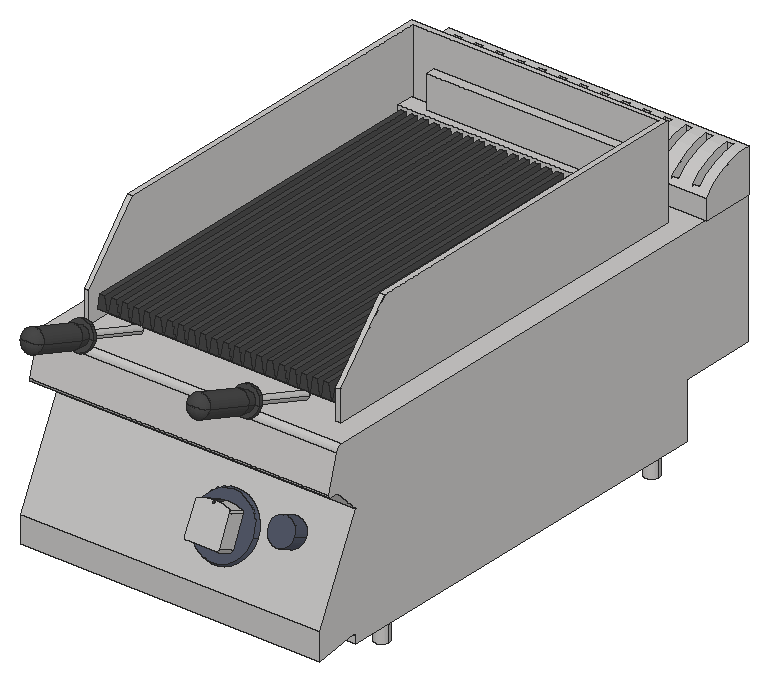
Revit family "QF_ZANUSSI_372044_Z7GRGDLC00", category Specialty Equipment, Revit 2018
Family settings
  Round Connector Dimension = Use Diameter
  Part Type = Normal
  Work Plane-Based = No
  Always vertical = Yes
  Cut with Voids When Loaded = No
  Shared = No
  Room Calculation Point = No
Parameters
  Width = 400 mm  # constant formula
  Weight in Pounds = 71  # constant formula
  Weight = 0.00 kg
  Watts = 0 W
  Volts = 0 V
  URL Manufacturer = "http://www.zanussiprofessional.com"
  URL Cutsheet = "www.electrolux.com/foodservice"
  URL = "http://www.zanussiprofessional.com"
  Type Mark [instance] = ""
  Steam Supply Size = 0"
  Steam Supply Minimum Pressure = 0.00 psi
  Steam Supply Maximum Pressure = 0.00 psi
  Steam Pounds per Hour = 0
  Status [instance] = ""
  Specification by User [instance] = ""
  Specification by Manufacturer = ""
  Show Logo [instance] = yes
  Show Clearance [instance] = yes
  Serial Number = ""
  Seismic Rating = ""
  SMACNA No = ""
  Revision Code [instance] = ""
  Refrigeration Suction Line Size = 0"
  Refrigeration Liquid Line Size = 0"
  Refrigerant Compressor Remote = yes
  Phase = 0
  Omniclass Number and Title = ""
  NAFEM Spec ID Number = ""
  Model = "Z7GRGDLC00"
  Mechanical Remarks = ""
  Mechanical Connection Type = ""
  Masterspec = ""
  Manufacturer = "Zanussi"
  Length Actual = 400 mm  # constant formula
  Item Number [instance] = "372044"
  Installed By [instance] = ""
  Identify Quantity as Lot [instance] = yes
  Hot Water Size = 0"
  Height Actual = 250 mm  # constant formula
  Height = 396 mm  # constant formula
  HP = "0 HP"
  Gas Size = 1/2"  # constant formula
  Gas RI Height [instance] = 0 mm
  Gas KW = 7  # constant formula
  Gas Input [instance] = 23863.0 Btu/h  # constant formula
  Gas Connection Height = 0 mm
  Furnished By [instance] = ""
  Foodservice Equipment Identifier [instance] = yes
  Direct Waste Size = 0"
  Description = "GAS LAVA STONE GRILL TOP 400 MM"
  Depth Actual = 700 mm  # constant formula
  Depth = 715 mm  # constant formula
  Cycle = 0 Hz
  Condensate Return Size = 0"
  Compressed Air Volume = 0 GPM
  Compressed Air Size = 0"
  Compressed Air Pressure = 0.00 psi
  Cold Water Size = 0"
  CSI MasterFormat = ""
  CSI Master Format = ""
  Base Height [instance] = 24 mm  # constant formula
  Assembly Code = ""
  Accessory = yes
Reference planes
  plane 1 "BACK": y = 0
  plane 2: z = 0
  plane 3 "LEFT": x = 0
  plane 4 "RIGHT": x = 400
  plane 5 "FRONT": y = -715
  plane 6 "TOP": z = 289
  plane 7 "Center Y": x = 200
  plane 8 "Center X": y = -357.5
  plane 9 "BASE": z = 24
  plane 10 "TOP A": z = 274
  plane 11: y = -597.884
  plane 12: y = -147.637
  plane 13: z = 396
  plane 14: y = -700
  plane 15 "panel": through (-6096, -715, 65.146) normal (0, 0.8956, -0.4448)
  plane 16: through (-6096, -715, 65.146) normal (0, 0.8956, -0.4448)
Forms (mm)
  Extrusion 1, solid, material "QF_Finishes_Stainless Steel"
    sketch origin (0, 0, 0) x (0, 1, 0) y (0, 0, 1)
      loop
        line (0, 98) -> (0, 274) -> (-679.358, 274)
        arc (-679.358, 274) -> (-684.643, 271.811) -> (-686.833, 266.526) r 7.474
        line (-686.833, 266.526) -> (-699.884, 221.011)
        arc (-699.884, 221.011) -> (-699.396, 218.379) -> (-697, 217.184) r 3
        line (-697, 217.184) -> (-686.802, 217.184) -> (-654.982, 185.364) -> (-715, 64.508) -> (-715, 29.508) -> (-658.645, 37.428)
        arc (-658.645, 37.428) -> (-656.101, 36.674) -> (-655, 34.259) r 3.2
        line (-655, 34.259) -> (-655, 24) -> (-103, 24) -> (-103, 98) -> (0, 98)
    from 0 to 400
  Extrusion 2, solid, material "QF_Finishes_Stainless Steel"
    sketch origin (0, 0, 0) x (1, 0, 0) y (0, 1, 0)
      loop
        circle (11.112, -147.638) r 9.525
      loop
        circle (11.112, -597.884) r 9.525
      loop
        circle (388.887, -147.638) r 9.525
      loop
        circle (388.887, -597.884) r 9.525
    from 0 to 24
  Extrusion 3, solid, material "QF_Finishes_Stainless Steel"
    sketch origin (0, -101.6, 101.6) x (0, 0, -1) y (-1, 0, 0)
      loop
        circle (43.694, -347.613) r 6.35
    from -1.4 to 3.175
  Extrusion 4, solid, material "QF_Finishes_Clearance", visible <- "Show Clearance", detail levels coarse
    sketch origin (0, 0, 0) x (1, 0, 0) y (0, 1, 0)
      loop
        line (0, -715) -> (0, 0) -> (400, 0) -> (400, -715) -> (550.019, -715) -> (550.019, 150.019) -> (-150.019, 150.019) -> (-150.019, -715) -> (0, -715)
    from 0 to 396
  Extrusion 5, solid, material "QF_Finishes_Stainless Steel"
    sketch origin (0, 0, 0) x (0, 1, 0) y (0, 0, 1)
      loop
        line (0, 274) -> (0, 333.176)
        arc (0, 333.176) -> (-38.818, 324.869) -> (-69.85, 300.113) r 86.594
        line (-69.85, 300.113) -> (-69.85, 274) -> (0, 274)
    from 0 to 400.05
  Extrusion 6, void
    sketch origin (0, 0, 274.638) x (-1, 0, 0) y (0, -1, 0)
      loop
        line (-13.453, 6.761) -> (-13.453, 63.911) -> (-22.749, 63.911) -> (-22.749, 6.761) -> (-13.453, 6.761)
    from 25.4 to 63.5
  Extrusion 7, void
    sketch origin (400.05, 0, 274.638) x (1, 0, 0) y (0, 1, 0)
      loop
        line (-13.503, -6.761) -> (-22.799, -6.761) -> (-22.799, -63.911) -> (-13.503, -63.911) -> (-13.503, -6.761)
    from 25.4 to 63.5
  Extrusion 8, void
    sketch origin (27.988, 0, 274.638) x (-1, 0, 0) y (0, -1, 0)
      loop
        line (-13.453, 6.761) -> (-13.453, 63.911) -> (-22.749, 63.911) -> (-22.749, 6.761) -> (-13.453, 6.761)
    from 25.4 to 63.5
  Extrusion 9, void
    sketch origin (55.977, 0, 274.638) x (-1, 0, 0) y (0, -1, 0)
      loop
        line (-13.453, 6.761) -> (-13.453, 63.911) -> (-22.749, 63.911) -> (-22.749, 6.761) -> (-13.453, 6.761)
    from 25.4 to 63.5
  Extrusion 10, void
    sketch origin (83.965, 0, 274.638) x (-1, 0, 0) y (0, -1, 0)
      loop
        line (-13.428, 6.761) -> (-13.428, 63.911) -> (-22.724, 63.911) -> (-22.724, 6.761) -> (-13.428, 6.761)
    from 25.4 to 63.5
  Extrusion 11, void
    sketch origin (111.953, 0, 274.638) x (-1, 0, 0) y (0, -1, 0)
      loop
        line (-13.428, 6.761) -> (-13.428, 63.911) -> (-22.724, 63.911) -> (-22.724, 6.761) -> (-13.428, 6.761)
    from 25.4 to 63.5
  Extrusion 12, void
    sketch origin (139.942, 0, 274.638) x (-1, 0, 0) y (0, -1, 0)
      loop
        line (-13.428, 6.761) -> (-13.428, 63.911) -> (-22.724, 63.911) -> (-22.724, 6.761) -> (-13.428, 6.761)
    from 25.4 to 63.5
  Extrusion 13, void
    sketch origin (167.93, 0, 274.638) x (-1, 0, 0) y (0, -1, 0)
      loop
        line (-13.428, 6.761) -> (-13.428, 63.911) -> (-22.724, 63.911) -> (-22.724, 6.761) -> (-13.428, 6.761)
    from 25.4 to 63.5
  Extrusion 14, void
    sketch origin (195.918, 0, 274.638) x (-1, 0, 0) y (0, -1, 0)
      loop
        line (-13.428, 6.761) -> (-13.428, 63.911) -> (-22.724, 63.911) -> (-22.724, 6.761) -> (-13.428, 6.761)
    from 25.4 to 63.5
  Extrusion 15, void
    sketch origin (223.907, 0, 274.638) x (-1, 0, 0) y (0, -1, 0)
      loop
        line (-13.428, 6.761) -> (-13.428, 63.911) -> (-22.724, 63.911) -> (-22.724, 6.761) -> (-13.428, 6.761)
    from 25.4 to 63.5
  Extrusion 16, void
    sketch origin (251.895, 0, 274.638) x (-1, 0, 0) y (0, -1, 0)
      loop
        line (-13.428, 6.761) -> (-13.428, 63.911) -> (-22.724, 63.911) -> (-22.724, 6.761) -> (-13.428, 6.761)
    from 25.4 to 63.5
  Extrusion 17, void
    sketch origin (279.884, 0, 274.638) x (-1, 0, 0) y (0, -1, 0)
      loop
        line (-13.403, 6.761) -> (-13.403, 63.911) -> (-22.699, 63.911) -> (-22.699, 6.761) -> (-13.403, 6.761)
    from 25.4 to 63.5
  Extrusion 18, void
    sketch origin (307.872, 0, 274.638) x (-1, 0, 0) y (0, -1, 0)
      loop
        line (-13.403, 6.761) -> (-13.403, 63.911) -> (-22.699, 63.911) -> (-22.699, 6.761) -> (-13.403, 6.761)
    from 25.4 to 63.5
  Extrusion 19, void
    sketch origin (335.86, 0, 274.638) x (-1, 0, 0) y (0, -1, 0)
      loop
        line (-13.403, 6.761) -> (-13.403, 63.911) -> (-22.699, 63.911) -> (-22.699, 6.761) -> (-13.403, 6.761)
    from 25.4 to 63.5
  Sweep 20, solid, material "QF_Finishes_Stainless Steel"
    path origin (0, -2.381, 274) x (-1, 0, 0) y (0, -1, 0)
      loop
        line (-364.975, 642.504) -> (-364.975, 102.504) -> (-35.025, 102.504) -> (-35.025, 642.504)
    profile origin (35.025, -374.885, 274) x (1, 0, 0) y (0, 0, 1)
      loop
        line (-6.35, 0) -> (0, 0) -> (0, 122) -> (-6.35, 122) -> (-6.35, 0)
  Extrusion 21, void
    sketch origin (28.675, -98.535, 274) x (0, 1, 0) y (0, 0, 1)
      loop
        line (-546.35, 40.481) -> (-473.32, 122) -> (-546.35, 122) -> (-546.35, 40.481)
    from 0 to 6.35
  Extrusion 22, void
    sketch origin (371.325, -644.885, 274) x (0, -1, 0) y (0, 0, 1)
      loop
        line (0, 40.481) -> (0, 122) -> (-73.03, 122) -> (0, 40.481)
    from 0 to 6.35
  Extrusion 23, solid, material "QF_Finishes_Black"
    sketch origin (0, 0, 274.638) x (0, -1, 0) y (1, 0, 0)
      loop
        line (614.549, 35.025) -> (614.549, 364.975) -> (130.285, 364.975) -> (130.285, 35.025) -> (614.549, 35.025)
    from 0 to 12.7
  Extrusion 24, solid, material "QF_Finishes_Stainless Steel"
    sketch origin (0, 0, 274.638) x (0, -1, 0) y (1, 0, 0)
      loop
        line (130.285, 36.446) -> (130.285, 363.421) -> (107.795, 363.421) -> (107.795, 36.446) -> (130.285, 36.446)
    from 0 to 37.056
  Extrusion 25, solid, material "QF_Finishes_Stainless Steel"
    sketch origin (27.525, -633.969, 275.303) x (1, 0, 0) y (0, 0.34202, 0.939693)
      loop
        circle (61.287, 5.861) r 5
    from -3.7 to 98.551
  Extrusion 26, solid, material "QF_Finishes_Stainless Steel"
    sketch origin (372.525, -633.969, 275.303) x (-1, 0, 0) y (0, -0.34202, -0.939693)
      loop
        circle (61.337, -5.861) r 5
    from -3.7 to 98.551
  Extrusion 27, solid, material "QF_Finishes_Stainless Steel"
    sketch origin (0, 0, 311.693) x (0, -1, 0) y (1, 0, 0)
      loop
        line (107.795, 66.394) -> (120.723, 66.394) -> (120.723, 333.606) -> (107.795, 333.606) -> (107.795, 66.394)
    from 0 to 43.675
  Revolve 28, solid, material "QF_Finishes_Black"
    sketch origin (20, -80.514, 80.124) x (-1, 0, 0) y (0, -0.939693, 0.34202)
      loop
        line (-68.646, 685.384) -> (-50.452, 685.384) -> (-50.452, 689.246) -> (-56.809, 689.246) -> (-54.08, 704.719) -> (-54.08, 772.936)
        arc (-54.08, 772.936) -> (-59.651, 780.542) -> (-68.646, 783.364) r 15.108
        line (-68.646, 783.364) -> (-68.646, 685.384)
      axis (-68.875, 685.384) -> (-68.875, 783.364)
    angle from 0 to 360
  Extrusion 29, solid, material "QF_Finishes_Stainless Steel"
    sketch origin (388.95, 175.397, 1219.2) x (0, 1, 0) y (0, 0, 1)
      loop
        line (-276.997, -1195.2) -> (-825.093, -1195.2) -> (-825.093, -1215.388) -> (-821.918, -1215.388) -> (-821.918, -1198.4) -> (-801.747, -1198.4) -> (-801.747, -1215.388) -> (-276.997, -1215.388) -> (-276.997, -1195.2)
    from -287.35 to -90.5
  Extrusion 30, solid, material "QF_Finishes_Drawer Clearance", visible <- "Show Clearance", detail levels coarse
    sketch origin (388.95, -649.696, 24) x (0, 0, -1) y (1, 0, 0)
      loop
        line (0, -287.35) -> (20.187, -287.35) -> (20.188, -90.5) -> (0, -90.5) -> (0, -287.35)
    from 0 to 536.054
  Revolve 31, solid, material "QF_Finishes_Black"
    sketch origin (380.05, -80.514, 80.124) x (1, 0, 0) y (0, 0.939693, -0.34202)
      loop
        line (-68.696, -685.384) -> (-68.696, -783.364)
        arc (-68.696, -783.364) -> (-59.701, -780.542) -> (-54.13, -772.936) r 15.108
        line (-54.13, -772.936) -> (-54.13, -704.719) -> (-56.859, -689.246) -> (-50.502, -689.246) -> (-50.502, -685.384) -> (-68.696, -685.384)
      axis (-68.925, -685.384) -> (-68.925, -783.364)
    angle from 0 to 360
  Blend 32, solid, material "QF_Finishes_Navy Blue"
    base sketch origin (250.05, -684.991, 125.574) x (1, 0, 0) y (0, 0.444781, 0.895639)
      loop
        circle (-0.025, 0) r 42.5
    top sketch origin (250.05, -684.991, 125.574) x (1, 0, 0) y (0, 0.444781, 0.895639)
      loop
        circle (-0.025, 0) r 40.5
    from 0 to 5
  Extrusion 33, solid, material "QF_Finishes_Stainless Steel"
    sketch origin (250.05, -684.991, 125.574) x (1, 0, 0) y (0, 0.444781, 0.895639)
      loop
        arc (-21.172, 22.789) -> (-22.519, 21.685) -> (-23.025, 20.019) r 2.997
        line (-23.025, 20.019) -> (-23.025, -20.019)
        arc (-23.025, -20.019) -> (-22.147, -22.138) -> (-20.028, -23.016) r 2.997
        line (-20.028, -23.016) -> (19.978, -23.016)
        arc (19.978, -23.016) -> (22.097, -22.138) -> (22.975, -20.019) r 2.997
        line (22.975, -20.019) -> (22.975, 20.019)
        arc (22.975, 20.019) -> (22.469, 21.685) -> (21.122, 22.789) r 2.997
        arc (21.122, 22.789) -> (-0.025, 26.984) -> (-21.172, 22.789) r 55.4
    from 10 to 34
  Extrusion 34, solid, material "QF_Plastic-Black-Matte"
    sketch origin (307.55, -684.991, 125.574) x (0, 0.444781, 0.895639) y (0, -0.895639, 0.444781)
      loop
        line (26.984, 34) -> (26.984, 19) -> (27.984, 19) -> (27.984, 34)
        arc (27.984, 34) -> (27.691, 34.707) -> (26.984, 35) r 1
        line (26.984, 35) -> (23.984, 35) -> (23.984, 34) -> (26.984, 34)
    from -58.5 to -56.5
  Extrusion 35, solid, material "QF_Finishes_Stainless Steel"
    sketch origin (250.05, -684.991, 125.574) x (1, 0, 0) y (0, 0.444781, 0.895639)
      loop
        line (17.475, 17.5) -> (-17.525, 17.5) -> (-17.525, -17.5) -> (17.475, -17.5) -> (17.475, 17.5)
    from 5 to 10
  Extrusion 36, solid, material "QF_Finishes_Navy Blue"
    sketch origin (389.051, -676.095, 143.486) x (1, 0, 0) y (0, 0.444781, 0.895639)
      loop
        circle (-55.051, 0) r 18
    from 3 to 23
  Extrusion 37, solid, material "QF_Finishes_Stainless Steel"
    sketch origin (250.05, -676.095, 143.486) x (1, 0, 0) y (0, 0.444781, 0.895639)
      loop
        circle (83.95, 0) r 15
    from 3 to 0
Cuts and joins
  Extrusion 6, Extrusion 7, Extrusion 8, Extrusion 9, Extrusion 10, Extrusion 11, Extrusion 12, Extrusion 13, Extrusion 14, Extrusion 15, Extrusion 16, Extrusion 17, Extrusion 18, Extrusion 19 cuts Extrusion 5
  Extrusion 21, Extrusion 22 cuts Sweep 20
Lines and regions (mm)
  Split face 1
    outline origin (250.05, -689.469, 127.797) x (1, 0, 0) y (0, 0.444781, 0.895639)
      loop
        circle (-33, 0) r 3
  Split face 2
    outline origin (255.951, -689.469, 127.797) x (1, 0, 0) y (0, 0.444781, 0.895639)
      loop
        line (-8.901, 38.561) -> (-8.901, 28.561) -> (-2.901, 28.561) -> (-2.901, 38.561) -> (-8.901, 38.561)
  Split face 3
    outline origin (255.951, -689.469, 127.797) x (1, 0, 0) y (0, 0.444781, 0.895639)
      loop
        line (-8.401, 38.061) -> (-8.401, 29.061) -> (-3.401, 29.061) -> (-3.401, 38.061) -> (-8.401, 38.061)
  Split face 4
    outline origin (255.951, -689.469, 127.797) x (1, 0, 0) y (0, 0.444781, 0.895639)
      loop
        line (-8.401, 34.061) -> (-3.401, 34.061)
  Split face 5
    outline origin (255.951, -689.469, 127.797) x (1, 0, 0) y (0, 0.444781, 0.895639)
      loop
        line (-8.401, 33.561) -> (-3.401, 33.561)
  Split face 6
    outline origin (275.707, -675.159, 156.613) x (-1, 0, 0) y (0, -0.444781, -0.895639)
      loop
        circle (43.456, 61.543) r 1.5
  Split face 7
    outline origin (255.951, -689.469, 127.797) x (1, 0, 0) y (0, 0.444781, 0.895639)
      loop
        circle (-5.901, 31.311) r 2.029
  Split face 8
    outline origin (250.05, -689.469, 127.797) x (1, 0, 0) y (0, 0.444781, 0.895639)
      loop
        circle (-24.487, 26.694) r 3.497
  symbolic lines, style "QF-Clearances", visible <- "Show Clearance", detail levels coarse
    curve 1: line (-150.019, 150.019, 274) -> (-150.019, -715, 274)
    curve 2: line (550.019, 150.019, 274) -> (-150.019, 150.019, 274)
    curve 3: line (550.019, -715, 274) -> (550.019, 150.019, 274)
  symbolic lines
    curve 4: line (0, 0, 274) -> (400, 0, 274)
    curve 5: line (0, -715, 274) -> (0, 0, 274)
    curve 6: line (400, 0, 274) -> (400, -715, 274)
    curve 7: line (35, -104.885, 274) -> (35, -644.885, 274)
    curve 8: line (28.65, -644.885, 274) -> (35, -644.885, 274)
    curve 9: line (364.975, -644.885, 274) -> (364.975, -104.885, 274)
    curve 10: line (364.975, -104.885, 274) -> (35, -104.885, 274)
    curve 11: line (0, -69.85, 274) -> (400, -69.85, 274)
    curve 12: line (400, -715, 274) -> (330.221, -715, 274)
    curve 13: line (28.65, -98.535, 274) -> (28.65, -644.885, 274)
    curve 14: line (28.65, -98.535, 274) -> (371.325, -98.535, 274)
    curve 15: line (371.325, -98.535, 274) -> (371.325, -644.885, 274)
    curve 16: line (13.428, -6.761, 274) -> (22.724, -6.761, 274)
    curve 17: line (13.428, -63.911, 274) -> (13.428, -6.761, 274)
    curve 18: line (22.724, -63.911, 274) -> (13.428, -63.911, 274)
    curve 19: line (22.724, -6.761, 274) -> (22.724, -63.911, 274)
    curve 20: line (41.416, -6.761, 274) -> (50.712, -6.761, 274)
    curve 21: line (41.416, -63.911, 274) -> (41.416, -6.761, 274)
    curve 22: line (50.712, -63.911, 274) -> (41.416, -63.911, 274)
    curve 23: line (50.712, -6.761, 274) -> (50.712, -63.911, 274)
    curve 24: line (69.405, -6.761, 274) -> (78.7, -6.761, 274)
    curve 25: line (69.405, -63.911, 274) -> (69.405, -6.761, 274)
    curve 26: line (78.7, -63.911, 274) -> (69.405, -63.911, 274)
    curve 27: line (78.7, -6.761, 274) -> (78.7, -63.911, 274)
    curve 28: line (97.393, -6.761, 274) -> (106.689, -6.761, 274)
    curve 29: line (97.393, -63.911, 274) -> (97.393, -6.761, 274)
    curve 30: line (106.689, -63.911, 274) -> (97.393, -63.911, 274)
    curve 31: line (106.689, -6.761, 274) -> (106.689, -63.911, 274)
    curve 32: line (125.381, -6.761, 274) -> (134.677, -6.761, 274)
    curve 33: line (125.381, -63.911, 274) -> (125.381, -6.761, 274)
    curve 34: line (134.677, -63.911, 274) -> (125.381, -63.911, 274)
    curve 35: line (134.677, -6.761, 274) -> (134.677, -63.911, 274)
    curve 36: line (153.37, -6.761, 274) -> (162.665, -6.761, 274)
    curve 37: line (153.37, -63.911, 274) -> (153.37, -6.761, 274)
    curve 38: line (162.665, -63.911, 274) -> (153.37, -63.911, 274)
    curve 39: line (162.665, -6.761, 274) -> (162.665, -63.911, 274)
    curve 40: line (181.358, -6.761, 274) -> (190.654, -6.761, 274)
    curve 41: line (181.358, -63.911, 274) -> (181.358, -6.761, 274)
    curve 42: line (190.654, -63.911, 274) -> (181.358, -63.911, 274)
    curve 43: line (190.654, -6.761, 274) -> (190.654, -63.911, 274)
    curve 44: line (209.346, -6.761, 274) -> (218.642, -6.761, 274)
    curve 45: line (209.346, -63.911, 274) -> (209.346, -6.761, 274)
    curve 46: line (218.642, -63.911, 274) -> (209.346, -63.911, 274)
    curve 47: line (218.642, -6.761, 274) -> (218.642, -63.911, 274)
    curve 48: line (237.31, -6.761, 274) -> (246.605, -6.761, 274)
    curve 49: line (237.31, -63.911, 274) -> (237.31, -6.761, 274)
    curve 50: line (246.605, -63.911, 274) -> (237.31, -63.911, 274)
    curve 51: line (246.605, -6.761, 274) -> (246.605, -63.911, 274)
    curve 52: line (265.298, -6.761, 274) -> (274.594, -6.761, 274)
    curve 53: line (265.298, -63.911, 274) -> (265.298, -6.761, 274)
    curve 54: line (274.594, -63.911, 274) -> (265.298, -63.911, 274)
    curve 55: line (274.594, -6.761, 274) -> (274.594, -63.911, 274)
    curve 56: line (293.286, -6.761, 274) -> (302.582, -6.761, 274)
    curve 57: line (293.286, -63.911, 274) -> (293.286, -6.761, 274)
    curve 58: line (302.582, -63.911, 274) -> (293.286, -63.911, 274)
    curve 59: line (302.582, -6.761, 274) -> (302.582, -63.911, 274)
    curve 60: line (321.275, -6.761, 274) -> (330.57, -6.761, 274)
    curve 61: line (321.275, -63.911, 274) -> (321.275, -6.761, 274)
    curve 62: line (330.57, -63.911, 274) -> (321.275, -63.911, 274)
    curve 63: line (330.57, -6.761, 274) -> (330.57, -63.911, 274)
    curve 64: line (349.263, -6.761, 274) -> (358.559, -6.761, 274)
    curve 65: line (349.263, -63.911, 274) -> (349.263, -6.761, 274)
    curve 66: line (358.559, -63.911, 274) -> (349.263, -63.911, 274)
    curve 67: line (358.559, -6.761, 274) -> (358.559, -63.911, 274)
    curve 68: line (377.251, -6.761, 274) -> (386.547, -6.761, 274)
    curve 69: line (377.251, -63.911, 274) -> (377.251, -6.761, 274)
    curve 70: line (386.547, -63.911, 274) -> (377.251, -63.911, 274)
    curve 71: line (386.547, -6.761, 274) -> (386.547, -63.911, 274)
    curve 72: line (364.975, -644.885, 274) -> (371.325, -644.885, 274)
    curve 73: line (36.421, -107.795, 274) -> (363.421, -107.795, 274)
    curve 74: line (36.421, -130.285, 274) -> (36.421, -107.795, 274)
    curve 75: line (363.421, -130.285, 274) -> (36.421, -130.285, 274)
    curve 76: line (363.421, -107.795, 274) -> (363.421, -130.285, 274)
    curve 77: line (66.369, -107.795, 274) -> (66.369, -120.723, 274)
    curve 78: line (66.369, -120.723, 274) -> (333.606, -120.723, 274)
    curve 79: line (333.606, -120.723, 274) -> (333.606, -107.795, 274)
    curve 83: line (0, -700, 0) -> (83.875, -700, 0)
    curve 84: line (227.025, -700, 0) -> (227.025, -724.347, 0)
    curve 85: arc (227.025, -724.347, 0) -> (227.171, -724.811, 0) -> (227.557, -725.107, 0) r 0.809
    curve 86: arc (227.557, -725.107, 0) -> (228.745, -725.587, 0) -> (230.022, -725.68, 0) r 4.127
    curve 87: arc (227.025, -704.292, 0) -> (221.984, -702.458, 0) -> (217.216, -700, 0) r 42.24
    curve 88: arc (227.025, -706.539, 0) -> (227.527, -705.818, 0) -> (228.324, -705.448, 0) r 1.682
    curve 89: arc (228.324, -705.448, 0) -> (238.627, -703.95, 0) -> (249.025, -703.441, 0) r 109.079
    curve 90: line (249.025, -700, 0) -> (249.025, -705.671, 0)
    curve 91: line (249.025, -705.671, 0) -> (251.025, -705.671, 0)
    curve 92: line (251.025, -705.671, 0) -> (251.025, -700, 0)
    curve 93: line (273.025, -700, 0) -> (273.025, -724.347, 0)
    curve 94: arc (273.025, -724.347, 0) -> (272.879, -724.811, 0) -> (272.493, -725.107, 0) r 0.809
    curve 95: arc (272.493, -725.107, 0) -> (271.305, -725.587, 0) -> (270.028, -725.68, 0) r 4.127
    curve 96: arc (273.025, -704.292, 0) -> (278.066, -702.458, 0) -> (282.834, -700, 0) r 42.24
    curve 97: arc (273.025, -706.539, 0) -> (272.523, -705.818, 0) -> (271.726, -705.448, 0) r 1.682
    curve 98: arc (271.726, -705.448, 0) -> (261.423, -703.95, 0) -> (251.025, -703.441, 0) r 109.079
    curve 99: line (230.022, -725.68, 0) -> (270.028, -725.68, 0)
    curve 100: line (273.025, -715, 0) -> (306.342, -715, 0)
    curve 101: line (0, -715, 0) -> (83.875, -715, 0)
    curve 102: spline (317.63, -700, 0) -> (319.338, -701.323, 0) -> (321.579, -702.479, 0) -> (324.272, -703.424, 0) -> (327.319, -704.125, 0) -> (330.61, -704.556, 0) -> (334.025, -704.701, 0) -> (337.44, -704.556, 0) -> (340.731, -704.125, 0) -> (343.778, -703.424, 0) -> (346.471, -702.479, 0) -> (348.712, -701.323, 0) -> (350.42, -700, 0)
    curve 103: spline (107.298, -724.564, 0) -> (106.67, -722.933, 0) -> (104.83, -721.414, 0) -> (101.902, -720.109, 0) -> (98.087, -719.107, 0) -> (93.643, -718.478, 0) -> (88.875, -718.263, 0) -> (84.107, -718.478, 0) -> (79.663, -719.107, 0) -> (75.848, -720.109, 0) -> (72.92, -721.414, 0) -> (71.079, -722.933, 0) -> (70.452, -724.564, 0)
    curve 104: spline (70.452, -728.194, 0) -> (71.079, -726.563, 0) -> (72.92, -725.043, 0) -> (75.848, -723.738, 0) -> (79.663, -722.737, 0) -> (84.107, -722.107, 0) -> (88.875, -721.892, 0) -> (93.643, -722.107, 0) -> (98.087, -722.737, 0) -> (101.902, -723.738, 0) -> (104.83, -725.043, 0) -> (106.67, -726.563, 0) -> (107.298, -728.194, 0)
    curve 105: spline (107.298, -728.194, 0) -> (107.258, -728.614, 0) -> (107.137, -729.033, 0) -> (106.936, -729.449, 0) -> (106.656, -729.858, 0) -> (106.298, -730.261, 0) -> (105.864, -730.654, 0) -> (105.356, -731.037, 0) -> (104.775, -731.407, 0) -> (104.125, -731.763, 0) -> (103.408, -732.104, 0) -> (102.627, -732.427, 0) -> (101.786, -732.732, 0)
    curve 106: spline (74.08, -742.733, 0) -> (74.584, -741.424, 0) -> (76.061, -740.204, 0) -> (78.41, -739.157, 0) -> (81.471, -738.353, 0) -> (85.037, -737.848, 0) -> (88.862, -737.675, 0) -> (92.688, -737.848, 0) -> (96.253, -738.353, 0) -> (99.315, -739.157, 0) -> (101.664, -740.204, 0) -> (103.141, -741.424, 0) -> (103.645, -742.733, 0)
    curve 107: spline (74.08, -806.837, 0) -> (74.584, -805.527, 0) -> (76.061, -804.307, 0) -> (78.41, -803.259, 0) -> (81.471, -802.454, 0) -> (85.037, -801.949, 0) -> (88.862, -801.777, 0) -> (92.688, -801.949, 0) -> (96.253, -802.454, 0) -> (99.315, -803.259, 0) -> (101.664, -804.307, 0) -> (103.141, -805.527, 0) -> (103.645, -806.837, 0)
    curve 108: spline (76.809, -728.194, 0) -> (77.22, -727.125, 0) -> (78.425, -726.13, 0) -> (80.343, -725.275, 0) -> (82.842, -724.62, 0) -> (85.752, -724.207, 0) -> (88.875, -724.067, 0) -> (91.998, -724.207, 0) -> (94.908, -724.62, 0) -> (97.407, -725.275, 0) -> (99.325, -726.13, 0) -> (100.53, -727.125, 0) -> (100.941, -728.194, 0)
    curve 109: line (83.875, -718.5, 0) -> (83.875, -631.964, 0)
    curve 110: line (93.875, -718.5, 0) -> (93.875, -631.964, 0)
    curve 111: line (76.809, -728.194, 0) -> (74.08, -742.733, 0)
    curve 112: line (100.941, -728.194, 0) -> (103.533, -742.113, 0)
    curve 113: spline (75.965, -732.689, 0) -> (75.124, -732.387, 0) -> (74.343, -732.067, 0) -> (73.626, -731.729, 0) -> (72.975, -731.377, 0) -> (72.394, -731.01, 0) -> (71.886, -730.631, 0) -> (71.452, -730.241, 0) -> (71.094, -729.843, 0) -> (70.814, -729.437, 0) -> (70.613, -729.025, 0) -> (70.492, -728.61, 0) -> (70.452, -728.194, 0)
    curve 114: arc (74.08, -806.837, 0) -> (79.879, -814.933, 0) -> (89.463, -817.644, 0) r 15.068
    curve 115: spline (329.766, -724.564, 0) -> (329.138, -722.933, 0) -> (327.297, -721.414, 0) -> (324.37, -720.109, 0) -> (320.554, -719.107, 0) -> (316.111, -718.478, 0) -> (311.342, -718.263, 0) -> (306.574, -718.478, 0) -> (302.131, -719.107, 0) -> (298.315, -720.109, 0) -> (295.388, -721.414, 0) -> (293.547, -722.933, 0) -> (292.919, -724.564, 0)
    curve 116: spline (292.919, -728.194, 0) -> (293.547, -726.563, 0) -> (295.388, -725.043, 0) -> (298.315, -723.738, 0) -> (302.131, -722.737, 0) -> (306.574, -722.107, 0) -> (311.342, -721.892, 0) -> (316.111, -722.107, 0) -> (320.554, -722.737, 0) -> (324.37, -723.738, 0) -> (327.297, -725.043, 0) -> (329.138, -726.563, 0) -> (329.766, -728.194, 0)
    curve 117: spline (329.766, -728.194, 0) -> (329.726, -728.606, 0) -> (329.608, -729.017, 0) -> (329.411, -729.424, 0) -> (329.137, -729.826, 0) -> (328.786, -730.221, 0) -> (328.361, -730.607, 0) -> (327.862, -730.983, 0) -> (327.293, -731.347, 0) -> (326.655, -731.697, 0) -> (325.951, -732.033, 0) -> (325.185, -732.352, 0) -> (324.36, -732.653, 0)
    curve 118: spline (296.548, -742.733, 0) -> (297.052, -741.424, 0) -> (298.53, -740.203, 0) -> (300.881, -739.155, 0) -> (303.945, -738.351, 0) -> (307.513, -737.846, 0) -> (311.342, -737.673, 0) -> (315.172, -737.846, 0) -> (318.74, -738.351, 0) -> (321.804, -739.155, 0) -> (324.155, -740.203, 0) -> (325.633, -741.424, 0) -> (326.137, -742.733, 0)
    curve 119: spline (296.548, -806.837, 0) -> (297.052, -805.527, 0) -> (298.53, -804.307, 0) -> (300.881, -803.259, 0) -> (303.945, -802.454, 0) -> (307.513, -801.949, 0) -> (311.342, -801.777, 0) -> (315.172, -801.949, 0) -> (318.74, -802.454, 0) -> (321.804, -803.259, 0) -> (324.155, -804.307, 0) -> (325.633, -805.527, 0) -> (326.137, -806.837, 0)
    curve 120: spline (299.276, -728.194, 0) -> (299.687, -727.125, 0) -> (300.893, -726.13, 0) -> (302.81, -725.275, 0) -> (305.309, -724.62, 0) -> (308.219, -724.207, 0) -> (311.342, -724.067, 0) -> (314.466, -724.207, 0) -> (317.376, -724.62, 0) -> (319.875, -725.275, 0) -> (321.792, -726.13, 0) -> (322.998, -727.125, 0) -> (323.409, -728.194, 0)
    curve 121: line (306.342, -718.5, 0) -> (306.342, -631.964, 0)
    curve 122: line (316.342, -718.5, 0) -> (316.342, -631.964, 0)
    curve 123: line (299.276, -728.194, 0) -> (296.548, -742.733, 0)
    curve 124: line (323.409, -728.194, 0) -> (326.025, -742.113, 0)
    curve 125: spline (298.433, -732.689, 0) -> (297.591, -732.387, 0) -> (296.811, -732.067, 0) -> (296.093, -731.729, 0) -> (295.443, -731.377, 0) -> (294.862, -731.01, 0) -> (294.353, -730.631, 0) -> (293.919, -730.241, 0) -> (293.561, -729.843, 0) -> (293.281, -729.437, 0) -> (293.081, -729.025, 0) -> (292.96, -728.61, 0) -> (292.919, -728.194, 0)
    curve 126: arc (296.548, -806.837, 0) -> (302.153, -814.795, 0) -> (311.453, -817.666, 0) r 15.068
    curve 137: arc (311.453, -817.666, 0) -> (320.488, -814.546, 0) -> (326.137, -806.837, 0) r 16.017
    curve 138: arc (89.463, -817.644, 0) -> (98.345, -814.591, 0) -> (103.645, -806.837, 0) r 14.924
    curve 139: line (93.875, -715, 0) -> (227.025, -715, 0)
    curve 140: line (316.342, -715, 0) -> (400, -715, 0)
    curve 141: line (93.875, -700, 0) -> (306.342, -700, 0)
    curve 142: line (316.342, -700, 0) -> (400, -700, 0)
  symbolic lines, style "QF_Drawer Clearance"
    curve 80: line (101.575, -1185.728, 0) -> (101.575, -810.75, 0)
    curve 81: line (101.575, -1185.728, 0) -> (298.425, -1185.728, 0)
    curve 82: line (298.425, -1185.728, 0) -> (298.425, -810.892, 0)
  symbolic lines, style "SpecialityEquipment"
    curve 127: line (70.452, -728.194, 0) -> (70.452, -724.564, 0)
    curve 128: line (107.298, -728.194, 0) -> (107.298, -724.564, 0)
    curve 129: line (76.809, -728.194, 0) -> (74.08, -742.733, 0)
    curve 130: line (103.645, -806.837, 0) -> (103.645, -742.733, 0)
    curve 131: line (74.08, -742.733, 0) -> (74.08, -806.837, 0)
    curve 132: line (292.919, -728.194, 0) -> (292.919, -724.564, 0)
    curve 133: line (329.766, -728.194, 0) -> (329.766, -724.564, 0)
    curve 134: line (299.276, -728.194, 0) -> (296.548, -742.733, 0)
    curve 135: line (326.137, -806.837, 0) -> (326.137, -742.733, 0)
    curve 136: line (296.548, -742.733, 0) -> (296.548, -806.837, 0)
Dimensions and locks
  equal spacing: plane 3 "LEFT", plane 7 "Center Y", plane 4 "RIGHT"
  "Width": plane 3 "LEFT" to plane 4 "RIGHT"
  equal spacing: plane 5 "FRONT", plane 8 "Center X", plane 1 "BACK"
  "Depth": plane 5 "FRONT" to plane 1 "BACK"
  plane 1 "BACK" to plane 5 "FRONT" = 715 mm
  "Base Height": plane 9 "BASE" to level
  plane 10 "TOP A" to plane 9 "BASE" = 250 mm  (x2)
  plane 4 "RIGHT" to Extrusion 3 sketch curve = 52.388 mm
  Sweep 20 sketch curve to level = 396 mm
  plane 9 "BASE" to level = 24 mm
  equal spacing: group 1, group 3, group 4, group 5, group 6, group 7, group 8, group 9, group 10, group 11, group 12, group 13, group 14, group 15, group 16, group 17, group 18, group 19, group 20, group 21, group 22, group 2  (x3)
  "Height": plane 13 to level
  plane 1 "BACK" to plane 14 = 700 mm
  aligned and locked: level to plane 2
  aligned and locked: plane 4 "RIGHT" to Extrusion 1
  aligned and locked: plane 9 "BASE" to Extrusion 2
  aligned: plane 6 "TOP" to Extrusion 4
  aligned and locked: Extrusion 4 to plane 13
Automatic sketch dimensions
  plane 1 "BACK" to Extrusion 10 sketch curve = 6.761 mm
  Extrusion 10 sketch curve to plane 7 "Center Y" = 93.311 mm
  Extrusion 10 sketch curve to Extrusion 10 sketch curve = 9.296 mm
  Extrusion 10 sketch curve to Extrusion 10 sketch curve = 57.15 mm
  plane 1 "BACK" to Extrusion 11 sketch curve = 6.761 mm
  Extrusion 11 sketch curve to plane 7 "Center Y" = 65.323 mm
  Extrusion 11 sketch curve to Extrusion 11 sketch curve = 9.296 mm
  Extrusion 11 sketch curve to Extrusion 11 sketch curve = 57.15 mm
  plane 1 "BACK" to Extrusion 12 sketch curve = 6.761 mm
  Extrusion 12 sketch curve to plane 7 "Center Y" = 37.335 mm
  Extrusion 12 sketch curve to Extrusion 12 sketch curve = 9.296 mm
  Extrusion 12 sketch curve to Extrusion 12 sketch curve = 57.15 mm
  Extrusion 13 sketch curve to plane 7 "Center Y" = 9.346 mm
  Extrusion 13 sketch curve to Extrusion 13 sketch curve = 9.296 mm
  plane 1 "BACK" to Extrusion 13 sketch curve = 6.761 mm
  Extrusion 13 sketch curve to Extrusion 13 sketch curve = 57.15 mm
  plane 1 "BACK" to Extrusion 14 sketch curve = 6.761 mm
  plane 7 "Center Y" to Extrusion 14 sketch curve = 18.642 mm
  Extrusion 14 sketch curve to Extrusion 14 sketch curve = 9.296 mm
  Extrusion 14 sketch curve to Extrusion 14 sketch curve = 57.15 mm
  plane 1 "BACK" to Extrusion 15 sketch curve = 6.761 mm
  plane 7 "Center Y" to Extrusion 15 sketch curve = 46.63 mm
  Extrusion 15 sketch curve to Extrusion 15 sketch curve = 9.296 mm
  Extrusion 15 sketch curve to Extrusion 15 sketch curve = 57.15 mm
  plane 1 "BACK" to Extrusion 16 sketch curve = 6.761 mm
  plane 7 "Center Y" to Extrusion 16 sketch curve = 74.619 mm
  Extrusion 16 sketch curve to Extrusion 16 sketch curve = 9.296 mm
  Extrusion 16 sketch curve to Extrusion 16 sketch curve = 57.15 mm
  Extrusion 5 sketch curve to plane 10 "TOP A" = 0 mm
  Extrusion 5 sketch curve to plane 1 "BACK" = 0 mm
  plane 1 "BACK" to Extrusion 5 sketch curve = 1.769 mm
  plane 6 "TOP" to Extrusion 5 sketch curve = 11.113 mm
  plane 1 "BACK" to Extrusion 5 sketch curve = 69.85 mm
  Extrusion 5 sketch curve to plane 10 "TOP A" = 27.4 mm
  Extrusion 34 sketch curve to plane 15 "panel" = 35 mm
  plane 14 to Extrusion 34 sketch curve = 5.671 mm
  Extrusion 34 sketch curve to Extrusion 34 sketch curve = 3 mm
  Extrusion 34 sketch curve to Extrusion 34 sketch curve = 0 mm  (x2)
  Extrusion 34 sketch curve to Extrusion 34 sketch curve = 1 mm
  Extrusion 34 sketch curve to Extrusion 34 sketch curve = 15 mm
  plane 7 "Center Y" to Blend 32 sketch curve = 50.025 mm  (x2)
  plane 7 "Center Y" to Extrusion 33 sketch curve = 27.025 mm
  Extrusion 33 sketch curve to Extrusion 33 sketch curve = 2.997 mm  (x3)
  Extrusion 33 sketch curve to Extrusion 33 sketch curve = 20.003 mm  (x2)
  Extrusion 33 sketch curve to Extrusion 33 sketch curve = 40.005 mm
  Extrusion 33 sketch curve to Extrusion 33 sketch curve = 5.399 mm
  Extrusion 33 sketch curve to Extrusion 33 sketch curve = 40.037 mm
  Extrusion 33 sketch curve to Extrusion 33 sketch curve = 0 mm  (x2)
  plane 7 "Center Y" to Extrusion 35 sketch curve = 32.525 mm
  Extrusion 35 sketch curve to Extrusion 35 sketch curve = 35 mm  (x2)
  Split face 2 sketch curve to Split face 2 sketch curve = 6 mm
  Split face 2 sketch curve to Split face 2 sketch curve = 10 mm
  Split face 3 sketch curve to Split face 3 sketch curve = 5 mm
  Split face 3 sketch curve to Split face 3 sketch curve = 9 mm
  Split face 4 sketch curve to Split face 4 sketch curve = 5 mm
  Split face 5 sketch curve to Split face 5 sketch curve = 5 mm
  plane 11 to Extrusion 2 sketch curve = 0 mm  (x2)
  plane 12 to Extrusion 2 sketch curve = 0 mm  (x2)
  plane 3 "LEFT" to Extrusion 2 sketch curve = 11.112 mm  (x2)
  Extrusion 2 sketch curve to plane 4 "RIGHT" = 11.113 mm  (x2)
  plane 9 "BASE" to Extrusion 3 sketch curve = 33.906 mm
  plane 5 "FRONT" to Extrusion 4 sketch curve = 0 mm  (x2)
  plane 1 "BACK" to Extrusion 4 sketch curve = 0 mm
  Extrusion 4 sketch curve to plane 3 "LEFT" = 0 mm
  Extrusion 4 sketch curve to plane 4 "RIGHT" = 0 mm
  Extrusion 4 sketch curve to plane 3 "LEFT" = 150.019 mm
  plane 4 "RIGHT" to Extrusion 4 sketch curve = 150.019 mm
  Extrusion 4 sketch curve to plane 1 "BACK" = 150.019 mm
  plane 5 "FRONT" to curve 3 = 0 mm
  curve 11 to plane 4 "RIGHT" = 0 mm
  plane 5 "FRONT" to curve 12 = 0 mm
  plane 1 "BACK" to curve 4 = 0 mm
  curve 4 to plane 3 "LEFT" = 0 mm
  plane 5 "FRONT" to curve 1 = 0 mm
  plane 5 "FRONT" to curve 5 = 0 mm
  plane 4 "RIGHT" to curve 3 = 150.019 mm
  curve 71 to plane 4 "RIGHT" = 13.453 mm
  curve 68 to curve 68 = 9.296 mm
  curve 15 to plane 4 "RIGHT" = 28.675 mm
  curve 14 to curve 9 = 6.35 mm  (x2)
  curve 9 to curve 76 = 1.554 mm
  curve 69 to curve 67 = 18.693 mm
  curve 64 to curve 64 = 9.296 mm
  curve 75 to curve 78 = 29.815 mm
  plane 1 "BACK" to curve 60 = 6.761 mm
  curve 64 to curve 60 = 18.693 mm
  curve 62 to curve 61 = 9.296 mm
  curve 61 to curve 59 = 18.693 mm
  curve 58 to curve 57 = 9.296 mm
  curve 57 to curve 55 = 18.693 mm
  curve 54 to curve 53 = 9.296 mm
  curve 53 to curve 51 = 18.693 mm
  curve 50 to curve 49 = 9.296 mm
  plane 7 "Center Y" to curve 47 = 18.642 mm
  curve 46 to curve 45 = 9.296 mm
  curve 40 to plane 7 "Center Y" = 9.346 mm
  curve 40 to curve 41 = 9.296 mm
  curve 41 to curve 39 = 18.693 mm
  curve 38 to curve 37 = 9.296 mm
  curve 37 to curve 35 = 18.693 mm
  curve 34 to curve 33 = 9.296 mm
  curve 33 to curve 31 = 18.693 mm
  curve 30 to curve 29 = 9.296 mm
  curve 29 to curve 27 = 18.693 mm
  curve 26 to curve 25 = 9.296 mm
  curve 77 to plane 12 = 26.914 mm
  curve 25 to curve 77 = 3.036 mm
  curve 25 to curve 22 = 18.693 mm
  curve 22 to curve 22 = 9.296 mm
  curve 77 to curve 75 = 29.948 mm
  curve 73 to curve 7 = 1.421 mm
  curve 7 to curve 14 = 6.35 mm
  curve 21 to curve 18 = 18.693 mm
  curve 16 to curve 16 = 9.296 mm
  curve 1 to plane 3 "LEFT" = 150.019 mm
  curve 2 to plane 1 "BACK" = 150.019 mm
  plane 1 "BACK" to curve 68 = 6.761 mm
  plane 1 "BACK" to curve 67 = 6.761 mm
  plane 1 "BACK" to curve 59 = 6.761 mm
  plane 1 "BACK" to curve 55 = 6.761 mm
  plane 1 "BACK" to curve 51 = 6.761 mm
  plane 1 "BACK" to curve 16 = 6.761 mm
  plane 1 "BACK" to curve 47 = 6.761 mm
  plane 1 "BACK" to curve 20 = 6.761 mm
  plane 1 "BACK" to curve 43 = 6.761 mm
  plane 1 "BACK" to curve 24 = 6.761 mm
  plane 1 "BACK" to curve 39 = 6.761 mm
  plane 1 "BACK" to curve 28 = 6.761 mm
  plane 1 "BACK" to curve 35 = 6.761 mm
  curve 32 to curve 33 = 57.15 mm
  curve 31 to curve 33 = 0 mm
  curve 34 to curve 37 = 0 mm
  curve 27 to curve 29 = 0 mm
  curve 38 to curve 41 = 0 mm
  curve 23 to curve 25 = 0 mm
  curve 42 to curve 45 = 0 mm
  curve 19 to curve 21 = 0 mm
  curve 46 to curve 49 = 0 mm
  curve 68 to curve 70 = 57.15 mm
  curve 67 to curve 69 = 0 mm
  curve 50 to curve 53 = 0 mm
  curve 54 to curve 57 = 0 mm
  curve 63 to curve 65 = 0 mm
  curve 69 to curve 15 = 34.624 mm
  curve 7 to curve 73 = 2.91 mm
  curve 76 to plane 12 = 17.353 mm
  plane 11 to curve 8 = 47 mm
  plane 11 to curve 9 = 47 mm
  curve 12 to plane 4 "RIGHT" = 69.779 mm
  curve 17 to curve 11 = 5.939 mm
  plane 1 "BACK" to Extrusion 6 sketch curve = 6.761 mm
  plane 3 "LEFT" to Extrusion 6 sketch curve = 22.749 mm
  Extrusion 6 sketch curve to Extrusion 6 sketch curve = 9.296 mm
  Extrusion 6 sketch curve to Extrusion 6 sketch curve = 57.15 mm
  Extrusion 7 sketch curve to plane 1 "BACK" = 6.761 mm
  plane 4 "RIGHT" to Extrusion 7 sketch curve = 22.749 mm
  Extrusion 7 sketch curve to Extrusion 7 sketch curve = 9.296 mm
  Extrusion 7 sketch curve to Extrusion 7 sketch curve = 57.15 mm
  plane 1 "BACK" to Extrusion 8 sketch curve = 6.761 mm
  plane 3 "LEFT" to Extrusion 8 sketch curve = 50.737 mm
  Extrusion 8 sketch curve to Extrusion 8 sketch curve = 9.296 mm
  Extrusion 8 sketch curve to Extrusion 8 sketch curve = 57.15 mm
  plane 1 "BACK" to Extrusion 9 sketch curve = 6.761 mm
  plane 3 "LEFT" to Extrusion 9 sketch curve = 78.725 mm
  Extrusion 9 sketch curve to Extrusion 9 sketch curve = 9.296 mm
  Extrusion 9 sketch curve to Extrusion 9 sketch curve = 57.15 mm
  plane 1 "BACK" to Extrusion 17 sketch curve = 6.761 mm
  Extrusion 17 sketch curve to plane 4 "RIGHT" = 97.418 mm
  Extrusion 17 sketch curve to Extrusion 17 sketch curve = 9.296 mm
  Extrusion 17 sketch curve to Extrusion 17 sketch curve = 57.15 mm
  plane 1 "BACK" to Extrusion 18 sketch curve = 6.761 mm
  Extrusion 18 sketch curve to plane 4 "RIGHT" = 69.43 mm
  Extrusion 18 sketch curve to Extrusion 18 sketch curve = 9.296 mm
  Extrusion 18 sketch curve to Extrusion 18 sketch curve = 57.15 mm
  plane 1 "BACK" to Extrusion 19 sketch curve = 6.761 mm
  Extrusion 19 sketch curve to plane 4 "RIGHT" = 41.441 mm
  Extrusion 19 sketch curve to Extrusion 19 sketch curve = 9.296 mm
  Extrusion 19 sketch curve to Extrusion 19 sketch curve = 57.15 mm
  Sweep 20 sketch curve to plane 4 "RIGHT" = 35.025 mm
  plane 3 "LEFT" to Sweep 20 sketch curve = 35.025 mm
  Sweep 20 sketch curve to plane 12 = 42.753 mm
  plane 11 to Sweep 20 sketch curve = 47 mm  (x2)
  Sweep 20 sketch curve to plane 10 "TOP A" = 0 mm
  profile plane to Sweep 20 sketch curve = 0 mm
  profile plane to Sweep 20 sketch curve = 6.35 mm
  Extrusion 21 sketch curve to Sweep 20 = 0 mm  (x2)
  Extrusion 21 sketch curve to Sweep 20 = 73.03 mm
  Extrusion 21 sketch curve to Sweep 20 = 40.481 mm
  Sweep 20 to Extrusion 22 sketch curve = 0 mm
  Extrusion 22 sketch curve to Sweep 20 = 0 mm
  Extrusion 22 sketch curve to Sweep 20 = 73.03 mm
  Extrusion 22 sketch curve to Sweep 20 = 40.481 mm
  Extrusion 23 sketch curve to plane 12 = 17.353 mm
  plane 11 to Extrusion 23 sketch curve = 16.665 mm
  plane 3 "LEFT" to Extrusion 23 sketch curve = 35.025 mm
  Extrusion 23 sketch curve to plane 4 "RIGHT" = 35.025 mm
  Extrusion 24 sketch curve to plane 12 = 39.843 mm
  Extrusion 24 sketch curve to plane 12 = 17.353 mm
  plane 3 "LEFT" to Extrusion 24 sketch curve = 36.446 mm
  Extrusion 24 sketch curve to plane 4 "RIGHT" = 36.579 mm
  plane 3 "LEFT" to Extrusion 25 sketch curve = 88.812 mm
  Extrusion 26 sketch curve to plane 4 "RIGHT" = 88.812 mm
  Extrusion 27 sketch curve to Extrusion 24 = 0 mm
  Extrusion 27 sketch curve to Extrusion 24 = 9.562 mm
  Extrusion 27 sketch curve to Extrusion 24 = 29.948 mm
  Extrusion 27 sketch curve to Extrusion 24 = 29.815 mm
  plane 3 "LEFT" to Revolve 28 sketch curve = 88.646 mm
  Revolve 28 sketch curve to Revolve 28 sketch curve = 0.2 mm
  Revolve 28 sketch curve to Revolve 28 sketch curve = 11.837 mm
  Revolve 28 sketch curve to Revolve 28 sketch curve = 2.728 mm
  Revolve 28 sketch curve to Revolve 28 sketch curve = 6.357 mm
  Revolve 28 sketch curve to Revolve 28 sketch curve = 3.862 mm
  Revolve 28 sketch curve to Revolve 28 sketch curve = 15.473 mm
  Revolve 28 sketch curve to Revolve 28 sketch curve = 63.539 mm
  Revolve 28 sketch curve to Revolve 28 sketch curve = 4.679 mm
  Revolve 28 sketch curve to Revolve 28 sketch curve = 0.229 mm
  Revolve 28 sketch curve to Revolve 28 sketch curve = 14.082 mm
  Revolve 28 sketch curve to Revolve 28 sketch curve = 6.757 mm
  Extrusion 29 sketch curve to plane 9 "BASE" = 0 mm
  Extrusion 29 sketch curve to plane 14 = 50.304 mm
  Extrusion 29 sketch curve to Extrusion 29 sketch curve = 3.175 mm
  Extrusion 29 sketch curve to plane 9 "BASE" = 3.2 mm
  Extrusion 29 sketch curve to Extrusion 29 sketch curve = 20.171 mm
  level to Extrusion 29 sketch curve = 3.812 mm  (x2)
  Extrusion 29 sketch curve to plane 12 = 46.037 mm
  Extrusion 30 sketch curve to Extrusion 29 = 0 mm  (x3)
  Extrusion 29 to Extrusion 30 sketch curve = 0 mm
  Revolve 31 sketch curve to plane 4 "RIGHT" = 88.646 mm
  Revolve 31 sketch curve to Revolve 31 sketch curve = 0.2 mm
  Revolve 31 sketch curve to Revolve 31 sketch curve = 11.837 mm
  Revolve 31 sketch curve to Revolve 31 sketch curve = 2.728 mm
  Revolve 31 sketch curve to Revolve 31 sketch curve = 6.357 mm
  Revolve 31 sketch curve to Revolve 31 sketch curve = 10.428 mm
  Revolve 31 sketch curve to Revolve 31 sketch curve = 63.539 mm
  Revolve 31 sketch curve to Revolve 31 sketch curve = 15.473 mm
  Revolve 31 sketch curve to Revolve 31 sketch curve = 3.862 mm
  Revolve 31 sketch curve to Revolve 31 sketch curve = 0.229 mm
  Revolve 31 sketch curve to Revolve 31 sketch curve = 6.757 mm
  Revolve 31 sketch curve to Revolve 31 sketch curve = 14.082 mm
  Extrusion 36 sketch curve to plane 4 "RIGHT" = 66 mm
  Extrusion 37 sketch curve to plane 4 "RIGHT" = 66 mm
  curve 83 to plane 3 "LEFT" = 0 mm
  curve 101 to plane 3 "LEFT" = 0 mm
  plane 14 to curve 83 = 0 mm
  plane 5 "FRONT" to curve 101 = 0 mm
  plane 5 "FRONT" to curve 139 = 0 mm
  plane 14 to curve 141 = 0 mm
  plane 5 "FRONT" to curve 100 = 0 mm
  plane 14 to curve 142 = 0 mm
  plane 5 "FRONT" to curve 140 = 0 mm
  curve 140 to plane 4 "RIGHT" = 0 mm
  curve 142 to plane 4 "RIGHT" = 0 mm
  plane 5 "FRONT" to curve 127 = 13.194 mm
  plane 3 "LEFT" to curve 127 = 70.452 mm
  curve 113 to curve 129 = 3.629 mm
  plane 5 "FRONT" to curve 129 = 13.194 mm
  curve 104 to curve 129 = 6.357 mm
  curve 114 to curve 114 = 14.461 mm
  curve 114 to curve 138 = 0.758 mm
  curve 108 to curve 112 = 24.133 mm
  curve 80 to plane 7 "Center Y" = 98.425 mm
  curve 80 to curve 130 = 2.07 mm
  curve 108 to curve 128 = 6.357 mm
  plane 5 "FRONT" to curve 84 = 9.347 mm
  plane 7 "Center Y" to curve 84 = 27.025 mm
  curve 85 to curve 85 = 0.809 mm
  curve 88 to curve 88 = 1.583 mm
  curve 85 to curve 86 = 1.846 mm
  curve 85 to curve 99 = 2.189 mm
  curve 84 to curve 87 = 11.892 mm
  plane 14 to curve 90 = 5.671 mm
  curve 88 to curve 90 = 20.417 mm
  plane 7 "Center Y" to curve 89 = 49.156 mm
  curve 89 to curve 98 = 1.738 mm
  curve 90 to curve 92 = 2 mm
  curve 87 to curve 96 = 22.215 mm
  curve 91 to curve 99 = 19.003 mm
  curve 99 to curve 95 = 0.343 mm
  curve 95 to curve 97 = 1.071 mm
  curve 95 to curve 94 = 2.189 mm
  curve 94 to curve 93 = 0.809 mm
  curve 93 to curve 132 = 19.894 mm
  curve 125 to curve 136 = 3.629 mm
  plane 7 "Center Y" to curve 82 = 98.425 mm
  plane 5 "FRONT" to curve 123 = 13.194 mm
  curve 125 to curve 123 = 6.357 mm
  curve 119 to curve 137 = 14.434 mm
  curve 137 to curve 126 = 0.028 mm
  curve 120 to curve 124 = 24.133 mm
  curve 120 to curve 135 = 2.728 mm
  curve 124 to curve 133 = 6.357 mm
  curve 132 to curve 123 = 0 mm
  curve 131 to curve 108 = 14.54 mm
  curve 134 to curve 120 = 14.54 mm
  curve 137 to curve 118 = 58.923 mm
  curve 126 to curve 137 = 0.948 mm
  curve 114 to curve 106 = 59.871 mm
  curve 138 to curve 114 = 0.117 mm
  curve 135 to curve 126 = 4.232 mm
  curve 131 to curve 114 = 4.232 mm
  curve 98 to curve 136 = 5.683 mm
  curve 89 to curve 98 = 0 mm
  curve 80 to curve 138 = 368.084 mm
  curve 124 to curve 133 = 0 mm
  curve 99 to curve 85 = 1.333 mm
  curve 104 to curve 127 = 3.629 mm
  curve 117 to curve 133 = 3.629 mm
  curve 95 to curve 94 = 1.333 mm
  curve 85 to curve 86 = 2.779 mm
  curve 94 to curve 95 = 2.779 mm
  plane 14 to curve 97 = 7.106 mm
  plane 14 to curve 88 = 7.106 mm
  curve 96 to plane 14 = 36.239 mm
  curve 87 to curve 96 = 0 mm
  curve 105 to curve 104 = 0 mm
  curve 113 to curve 108 = 0.844 mm
  curve 83 to curve 103 = 5 mm
  curve 113 to curve 104 = 0 mm
  curve 101 to curve 139 = 10 mm
  curve 108 to curve 105 = 0.845 mm
  plane 5 "FRONT" to curve 112 = 27.113 mm
  curve 112 to curve 130 = 0.112 mm
  curve 87 to curve 84 = 9.809 mm
  curve 89 to curve 88 = 0.284 mm
  curve 97 to curve 98 = 0.284 mm
  curve 93 to curve 96 = 9.809 mm
  curve 117 to curve 125 = 0 mm
  curve 116 to curve 117 = 0 mm  (x3)
  curve 125 to curve 120 = 0.844 mm
  plane 5 "FRONT" to curve 121 = 3.5 mm
  curve 121 to curve 115 = 5 mm
  curve 125 to curve 117 = 0 mm
  curve 141 to curve 142 = 10 mm
  curve 142 to curve 102 = 1.288 mm
  curve 120 to curve 117 = 0.951 mm
  plane 5 "FRONT" to curve 124 = 27.113 mm
  curve 124 to curve 118 = 0.112 mm
  curve 102 to plane 14 = 3.305 mm
  curve 102 to curve 102 = 16.395 mm
  curve 102 to curve 102 = 1.605 mm
  curve 117 to curve 120 = 4.459 mm
  curve 113 to curve 108 = 4.495 mm
  curve 125 to curve 120 = 4.495 mm
  curve 80 to curve 138 = 3.913 mm
  curve 110 to curve 139 = 3.5 mm
  curve 97 to curve 97 = 0.567 mm
  curve 88 to curve 88 = 0.567 mm
  plane 11 to curve 109 = 34.08 mm
  plane 11 to curve 121 = 34.08 mm
  curve 109 to curve 110 = 0 mm
  curve 121 to curve 122 = 0 mm
  plane 14 to Extrusion 1 sketch curve = 15 mm
  Extrusion 1 sketch curve to plane 6 "TOP" = 67.989 mm
  plane 11 to Extrusion 1 sketch curve = 101.999 mm
  Extrusion 1 sketch curve to Extrusion 1 sketch curve = 2.884 mm
  plane 11 to Extrusion 1 sketch curve = 88.948 mm
  Extrusion 1 sketch curve to plane 6 "TOP" = 71.816 mm
  Extrusion 1 sketch curve to Extrusion 1 sketch curve = 10.198 mm
  Extrusion 1 sketch curve to Extrusion 1 sketch curve = 7.474 mm
  plane 11 to Extrusion 1 sketch curve = 60.761 mm
  plane 11 to Extrusion 1 sketch curve = 60.316 mm
  plane 11 to Extrusion 1 sketch curve = 57.116 mm
  plane 11 to Extrusion 1 sketch curve = 57.097 mm
  plane 1 "BACK" to Extrusion 1 sketch curve = 103 mm
  Extrusion 1 sketch curve to plane 1 "BACK" = 0 mm
  Extrusion 1 sketch curve to plane 10 "TOP A" = 88.636 mm
  Extrusion 1 sketch curve to plane 10 "TOP A" = 176 mm
  plane 9 "BASE" to Extrusion 1 sketch curve = 40.508 mm
  Extrusion 1 sketch curve to Extrusion 1 sketch curve = 27.08 mm
  Extrusion 1 sketch curve to Extrusion 1 sketch curve = 35 mm
  plane 9 "BASE" to Extrusion 1 sketch curve = 0 mm
  Extrusion 1 sketch curve to plane 6 "TOP" = 22.474 mm
  radius of Blend 32 sketch curve = 42.5 mm
  radius of Blend 32 sketch curve = 40.5 mm
  radius of Split face 1 sketch curve = 3 mm
  radius of Split face 6 sketch curve = 1.5 mm
  radius of Split face 7 sketch curve = 2.029 mm
  radius of Split face 8 sketch curve = 3.497 mm
  radius of Extrusion 2 sketch curve = 9.525 mm  (x4)
  radius of Extrusion 3 sketch curve = 6.35 mm
  radius of Extrusion 25 sketch curve = 5 mm
  radius of Extrusion 26 sketch curve = 5 mm
  radius of Extrusion 36 sketch curve = 18 mm
  radius of Extrusion 37 sketch curve = 15 mm
Nested families
  nested 1: "QF_372044_GRILL" at (36.446, -130.285, 287.338), type "QF_372044_GRILL"
    with Type Mark "", Specification by User "", Revision Code "", Item Number "", Installed By "", Identify Quantity as Lot yes, Furnished By "", Foodservice Equipment Identifier yes
  nested 2: "QF_372044_GRILL" at (350.904, -130.285, 287.338), type "QF_372044_GRILL"
    with Type Mark "", Specification by User "", Revision Code "", Item Number "", Installed By "", Identify Quantity as Lot yes, Furnished By "", Foodservice Equipment Identifier yes
  nested 3: "QF_372044_GRILL" at (51.42, -130.285, 287.338), type "QF_372044_GRILL"
    with Type Mark "", Specification by User "", Revision Code "", Item Number "", Installed By "", Identify Quantity as Lot yes, Furnished By "", Foodservice Equipment Identifier yes
  nested 4: "QF_372044_GRILL" at (66.394, -130.285, 287.338), type "QF_372044_GRILL"
    with Type Mark "", Specification by User "", Revision Code "", Item Number "", Installed By "", Identify Quantity as Lot yes, Furnished By "", Foodservice Equipment Identifier yes
  nested 5: "QF_372044_GRILL" at (81.368, -130.285, 287.338), type "QF_372044_GRILL"
    with Type Mark "", Specification by User "", Revision Code "", Item Number "", Installed By "", Identify Quantity as Lot yes, Furnished By "", Foodservice Equipment Identifier yes
  nested 6: "QF_372044_GRILL" at (96.342, -130.285, 287.338), type "QF_372044_GRILL"
    with Type Mark "", Specification by User "", Revision Code "", Item Number "", Installed By "", Identify Quantity as Lot yes, Furnished By "", Foodservice Equipment Identifier yes
  nested 7: "QF_372044_GRILL" at (111.317, -130.285, 287.338), type "QF_372044_GRILL"
    with Type Mark "", Specification by User "", Revision Code "", Item Number "", Installed By "", Identify Quantity as Lot yes, Furnished By "", Foodservice Equipment Identifier yes
  nested 8: "QF_372044_GRILL" at (126.291, -130.285, 287.338), type "QF_372044_GRILL"
    with Type Mark "", Specification by User "", Revision Code "", Item Number "", Installed By "", Identify Quantity as Lot yes, Furnished By "", Foodservice Equipment Identifier yes
  nested 9: "QF_372044_GRILL" at (141.265, -130.285, 287.338), type "QF_372044_GRILL"
    with Type Mark "", Specification by User "", Revision Code "", Item Number "", Installed By "", Identify Quantity as Lot yes, Furnished By "", Foodservice Equipment Identifier yes
  nested 10: "QF_372044_GRILL" at (156.239, -130.285, 287.338), type "QF_372044_GRILL"
    with Type Mark "", Specification by User "", Revision Code "", Item Number "", Installed By "", Identify Quantity as Lot yes, Furnished By "", Foodservice Equipment Identifier yes
  nested 11: "QF_372044_GRILL" at (171.214, -130.285, 287.338), type "QF_372044_GRILL"
    with Type Mark "", Specification by User "", Revision Code "", Item Number "", Installed By "", Identify Quantity as Lot yes, Furnished By "", Foodservice Equipment Identifier yes
  nested 12: "QF_372044_GRILL" at (186.188, -130.285, 287.338), type "QF_372044_GRILL"
    with Type Mark "", Specification by User "", Revision Code "", Item Number "", Installed By "", Identify Quantity as Lot yes, Furnished By "", Foodservice Equipment Identifier yes
  nested 13: "QF_372044_GRILL" at (201.162, -130.285, 287.338), type "QF_372044_GRILL"
    with Type Mark "", Specification by User "", Revision Code "", Item Number "", Installed By "", Identify Quantity as Lot yes, Furnished By "", Foodservice Equipment Identifier yes
  nested 14: "QF_372044_GRILL" at (216.136, -130.285, 287.338), type "QF_372044_GRILL"
    with Type Mark "", Specification by User "", Revision Code "", Item Number "", Installed By "", Identify Quantity as Lot yes, Furnished By "", Foodservice Equipment Identifier yes
  nested 15: "QF_372044_GRILL" at (231.111, -130.285, 287.338), type "QF_372044_GRILL"
    with Type Mark "", Specification by User "", Revision Code "", Item Number "", Installed By "", Identify Quantity as Lot yes, Furnished By "", Foodservice Equipment Identifier yes
  nested 16: "QF_372044_GRILL" at (246.085, -130.285, 287.338), type "QF_372044_GRILL"
    with Type Mark "", Specification by User "", Revision Code "", Item Number "", Installed By "", Identify Quantity as Lot yes, Furnished By "", Foodservice Equipment Identifier yes
  nested 17: "QF_372044_GRILL" at (261.059, -130.285, 287.338), type "QF_372044_GRILL"
    with Type Mark "", Specification by User "", Revision Code "", Item Number "", Installed By "", Identify Quantity as Lot yes, Furnished By "", Foodservice Equipment Identifier yes
  nested 18: "QF_372044_GRILL" at (276.033, -130.285, 287.338), type "QF_372044_GRILL"
    with Type Mark "", Specification by User "", Revision Code "", Item Number "", Installed By "", Identify Quantity as Lot yes, Furnished By "", Foodservice Equipment Identifier yes
  nested 19: "QF_372044_GRILL" at (291.008, -130.285, 287.338), type "QF_372044_GRILL"
    with Type Mark "", Specification by User "", Revision Code "", Item Number "", Installed By "", Identify Quantity as Lot yes, Furnished By "", Foodservice Equipment Identifier yes
  nested 20: "QF_372044_GRILL" at (305.982, -130.285, 287.338), type "QF_372044_GRILL"
    with Type Mark "", Specification by User "", Revision Code "", Item Number "", Installed By "", Identify Quantity as Lot yes, Furnished By "", Foodservice Equipment Identifier yes
  nested 21: "QF_372044_GRILL" at (320.956, -130.285, 287.338), type "QF_372044_GRILL"
    with Type Mark "", Specification by User "", Revision Code "", Item Number "", Installed By "", Identify Quantity as Lot yes, Furnished By "", Foodservice Equipment Identifier yes
  nested 22: "QF_372044_GRILL" at (335.93, -130.285, 287.338), type "QF_372044_GRILL"
    with Type Mark "", Specification by User "", Revision Code "", Item Number "", Installed By "", Identify Quantity as Lot yes, Furnished By "", Foodservice Equipment Identifier yes
